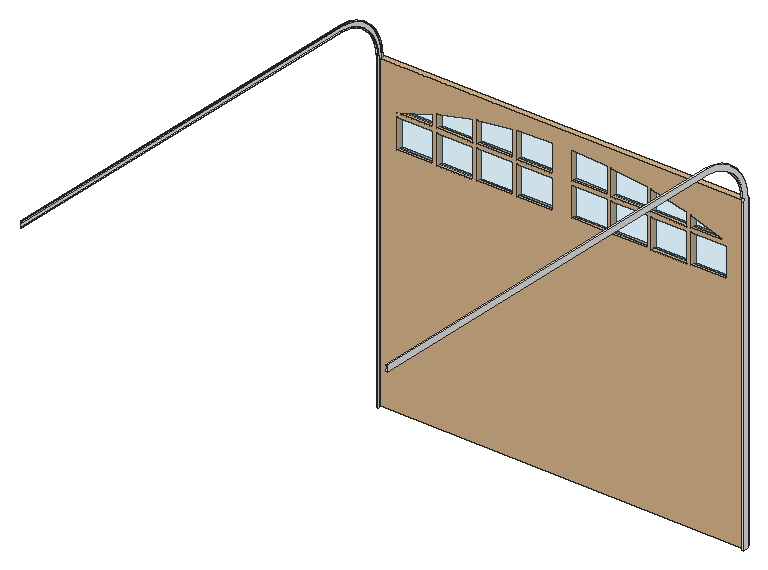
Revit family
Parameters (values of type "7Ft H x 8Ft W")
  Track Width = Width + 0' 2"  # 8' - 2"
  Track Height = Height + 1' 0"  # 8' - 0"
  Track Depth = 10' - 0"
  Track = Metal
  Thickness = 0' - 0"
  SmartBIM Object Version = 1  # constant formula
  SmartBIM Object Created By = "Reed Construction Data"  # constant formula
  Rough Height = 0' - 0"
  Panel Thickness = 0' - 1 1/2"
  Manufacturer = ""
  Height = 7' - 0"
  Wall Closure = (empty or 0)
  Width = 8' - 0"
  Door Glass = Glass
  Door = Wood
  Assembly Code = ""
  95 CSI = "08360"  # constant formula
  04 CSI = "08 36 13"  # constant formula
Types (2): name | Track Width | Thickness | Rough Height | Width
  7Ft H x 8Ft W | 8' - 2" | 0' - 0" | 0' - 0" | 8' - 0"
  7Ft H x 16Ft W | 16' - 2" | 0' - 4" | 0' - 4" | 16' - 0"
Reference planes (in)
  plane 1 "Center (Front/Back)": y = 0
  plane 2 "Center (Left/Right)": x = 0
  plane 3 "Left": x = -48
  plane 4 "Right": x = 48
  plane 5 "Top": z = 84
  plane 6: x = -49
  plane 7: x = 49
  plane 8: y = -2.5
  plane 9: z = 81
  plane 10: z = 63
  plane 11: x = -45
  plane 12: x = -34.25
  plane 13: x = -23.5
  plane 14: x = -2
  plane 15: x = -12.75
  plane 16: z = 72
  plane 17: x = 2
  plane 18: x = 45
  plane 19: x = 34.25
  plane 20: x = 23.5
  plane 21: x = 12.75
  plane 22: y = -2.5
  plane 23: y = -2.5
  plane 24 "Interior": y = -3.25
  plane 25 "Exterior": y = -1.75
  plane 26: y = -1.75
  plane 27: y = -3.25
  plane 28: y = -1.75
  plane 29: z = 34.5
  plane 30: z = 31.5
  plane 31: z = 33
  plane 32: z = 3
  plane 33: z = 62
Forms (in)
  Extrusion 1, solid, material "Wood" <- "Door"
    sketch origin (0, 0, 0) x (1, 0, 0) y (0, 0, 1)
      loop
        line (-49, 84) -> (-49, 79.84334) -> (-49, 76.75) -> (-49, 62) -> (-49, 0) -> (49, 0) -> (49, 84) -> (-49, 84)
      loop
        line (-44.5, 63.5) -> (-34.75, 63.5) -> (-34.75, 71.5) -> (-44.5, 71.5) -> (-44.5, 63.5)
      loop
        line (-44.5, 72.5) -> (-34.75, 72.5) -> (-34.75, 75.62731)
        arc (-34.75, 75.62731) -> (-39.65791, 74.16627) -> (-44.5, 72.5) r 121.66037
      loop
        arc (-24, 78.0834) -> (-28.89724, 77.10009) -> (-33.75, 75.91661) r 121.67869
        line (-33.75, 75.91661) -> (-33.75, 72.5) -> (-24, 72.5) -> (-24, 78.0834)
      loop
        line (-24, 63.5) -> (-24, 71.5) -> (-33.75, 71.5) -> (-33.75, 63.5) -> (-24, 63.5)
      loop
        line (-23, 78.27039) -> (-23, 72.5) -> (-13.25, 72.5) -> (-13.25, 79.53379)
        arc (-13.25, 79.53379) -> (-18.13776, 79.0006) -> (-23, 78.27039) r 121.6903
      loop
        line (-23, 63.5) -> (-13.25, 63.5) -> (-13.25, 71.5) -> (-23, 71.5) -> (-23, 63.5)
      loop
        arc (-2.5, 79.96441) -> (-7.37893, 79.86653) -> (-12.25, 79.57305) r 121.64517
        line (-12.25, 79.57305) -> (-12.25, 72.5) -> (-2.5, 72.5) -> (-2.5, 79.96441)
      loop
        line (-2.5, 63.5) -> (-2.5, 71.5) -> (-12.25, 71.5) -> (-12.25, 63.5) -> (-2.5, 63.5)
      loop
        line (44.5, 63.5) -> (44.5, 71.5) -> (34.75, 71.5) -> (34.75, 63.5) -> (44.5, 63.5)
      loop
        arc (44.5, 72.5) -> (39.65791, 74.16627) -> (34.75, 75.62731) r 121.66037
        line (34.75, 75.62731) -> (34.75, 72.5) -> (44.5, 72.5)
      loop
        line (24, 78.0834) -> (24, 72.5) -> (33.75, 72.5) -> (33.75, 75.91661)
        arc (33.75, 75.91661) -> (28.89724, 77.10009) -> (24, 78.0834) r 121.67869
      loop
        line (24, 63.5) -> (33.75, 63.5) -> (33.75, 71.5) -> (24, 71.5) -> (24, 63.5)
      loop
        arc (23, 78.27039) -> (18.13776, 79.0006) -> (13.25, 79.53379) r 121.6903
        line (13.25, 79.53379) -> (13.25, 72.5) -> (23, 72.5) -> (23, 78.27039)
      loop
        line (23, 63.5) -> (23, 71.5) -> (13.25, 71.5) -> (13.25, 63.5) -> (23, 63.5)
      loop
        line (2.5, 79.96441) -> (2.5, 72.5) -> (12.25, 72.5) -> (12.25, 79.57305)
        arc (12.25, 79.57305) -> (7.37893, 79.86653) -> (2.5, 79.96441) r 121.64517
      loop
        line (2.5, 63.5) -> (12.25, 63.5) -> (12.25, 71.5) -> (2.5, 71.5) -> (2.5, 63.5)
    from 1.75 to 3.25
  Extrusion 2, solid, material "Glass" <- "Door Glass"
    sketch origin (0, 0, 0) x (1, 0, 0) y (0, 0, 1)
      loop
        line (34.75, 75.62731) -> (34.75, 72.5) -> (44.5, 72.5)
        arc (44.5, 72.5) -> (39.65791, 74.16627) -> (34.75, 75.62731) r 121.66037
      loop
        line (44.5, 71.5) -> (34.75, 71.5) -> (34.75, 63.5) -> (44.5, 63.5) -> (44.5, 71.5)
      loop
        line (33.75, 71.5) -> (24, 71.5) -> (24, 63.5) -> (33.75, 63.5) -> (33.75, 71.5)
      loop
        line (24, 78.0834) -> (24, 72.5) -> (33.75, 72.5) -> (33.75, 75.91661)
        arc (33.75, 75.91661) -> (28.89724, 77.10009) -> (24, 78.0834) r 121.67869
      loop
        line (13.25, 79.53379) -> (13.25, 72.5) -> (23, 72.5) -> (23, 78.27039)
        arc (23, 78.27039) -> (18.13776, 79.0006) -> (13.25, 79.53379) r 121.6903
      loop
        line (23, 71.5) -> (13.25, 71.5) -> (13.25, 63.5) -> (23, 63.5) -> (23, 71.5)
      loop
        line (12.25, 71.5) -> (2.5, 71.5) -> (2.5, 63.5) -> (12.25, 63.5) -> (12.25, 71.5)
      loop
        line (2.5, 80.01507) -> (2.5, 72.5) -> (12.25, 72.5) -> (12.25, 79.62387)
        arc (12.25, 79.62387) -> (7.37892, 79.91723) -> (2.5, 80.01507) r 121.69583
      loop
        line (-12.25, 80.08321) -> (-12.25, 72.5) -> (-2.5, 72.5) -> (-2.5, 80.47294)
        arc (-2.5, 80.47294) -> (-7.37889, 80.37547) -> (-12.25, 80.08321) r 122.1537
      loop
        line (-2.5, 71.5) -> (-12.25, 71.5) -> (-12.25, 63.5) -> (-2.5, 63.5) -> (-2.5, 71.5)
      loop
        line (-23, 78.27039) -> (-23, 72.5) -> (-13.25, 72.5) -> (-13.25, 79.53379)
        arc (-13.25, 79.53379) -> (-18.13776, 79.0006) -> (-23, 78.27039) r 121.6903
      loop
        line (-13.25, 71.5) -> (-23, 71.5) -> (-23, 63.5) -> (-13.25, 63.5) -> (-13.25, 71.5)
      loop
        line (-24, 71.5) -> (-33.75, 71.5) -> (-33.75, 63.5) -> (-24, 63.5) -> (-24, 71.5)
      loop
        line (-33.75, 75.91661) -> (-33.75, 72.5) -> (-24, 72.5) -> (-24, 78.0834)
        arc (-24, 78.0834) -> (-28.89724, 77.10009) -> (-33.75, 75.91661) r 121.67869
      loop
        line (-44.5, 72.5) -> (-34.75, 72.5) -> (-34.75, 75.62731)
        arc (-34.75, 75.62731) -> (-39.65791, 74.16627) -> (-44.5, 72.5) r 121.66037
      loop
        line (-34.75, 71.5) -> (-44.5, 71.5) -> (-44.5, 63.5) -> (-34.75, 63.5) -> (-34.75, 71.5)
    from 2.375 to 2.625
Lines and regions (in)
  Opening 1
    outline origin (-90, -1.75, 0) x (1, 0, 0) y (0, 0, 1)
      loop
        line (42, 0) -> (138, 0) -> (138, 84) -> (42, 84) -> (42, 0)
  model lines
    curve 1: line (44.5, -3.25, 3) -> (44.5, -3.25, 31.5)
    curve 2: line (34.75, -3.25, 3) -> (44.5, -3.25, 3)
    curve 3: line (34.75, -3.25, 62) -> (34.75, -3.25, 34.5)
    curve 4: line (33.75, -3.25, 3) -> (33.75, -3.25, 31.5)
    curve 5: line (24, -3.25, 62) -> (24, -3.25, 34.5)
    curve 6: line (24, -3.25, 3) -> (33.75, -3.25, 3)
    curve 7: line (13.25, -3.25, 3) -> (23, -3.25, 3)
    curve 8: line (23, -3.25, 3) -> (23, -3.25, 31.5)
    curve 9: line (13.25, -3.25, 62) -> (13.25, -3.25, 34.5)
    curve 10: line (12.25, -3.25, 3) -> (12.25, -3.25, 31.5)
    curve 11: line (2, -3.25, 3) -> (2, -3.25, 31.5)
    curve 12: line (2, -3.25, 3) -> (12.25, -3.25, 3)
    curve 13: line (-12.25, -3.25, 3) -> (-2, -3.25, 3)
    curve 14: line (-2, -3.25, 3) -> (-2, -3.25, 31.5)
    curve 15: line (-23, -3.25, 3) -> (-13.25, -3.25, 3)
    curve 16: line (-33.75, -3.25, 3) -> (-24, -3.25, 3)
    curve 17: line (-24, -3.25, 3) -> (-24, -3.25, 31.5)
    curve 18: line (-45, -3.25, 3) -> (-34.75, -3.25, 3)
    curve 19: line (-48, -3.25, 84) -> (49, -3.25, 84)
    curve 20: line (48, -3.25, 0) -> (-48, -3.25, 0)
    curve 21: line (-23, -3.25, 3) -> (-23, -3.25, 31.5)
    curve 22: line (48, -1.75, 0) -> (48, -1.75, 84)
    curve 23: line (-49, -1.75, 84) -> (49, -1.75, 84)
    curve 24: line (-48, -1.75, 84) -> (-48, -1.75, 0)
    curve 25: line (-45, -1.75, 3) -> (-34.75, -1.75, 3)
    curve 26: line (-33.75, -1.75, 3) -> (-24, -1.75, 3)
    curve 27: line (-24, -1.75, 3) -> (-24, -1.75, 31.5)
    curve 28: line (-23, -1.75, 3) -> (-13.25, -1.75, 3)
    curve 29: line (-12.25, -1.75, 3) -> (-2, -1.75, 3)
    curve 30: line (-2, -1.75, 3) -> (-2, -1.75, 31.5)
    curve 31: line (2, -1.75, 3) -> (2, -1.75, 31.5)
    curve 32: line (12.25, -1.75, 62) -> (12.25, -1.75, 34.5)
    curve 33: line (12.25, -1.75, 3) -> (2, -1.75, 3)
    curve 34: line (23, -1.75, 3) -> (23, -1.75, 31.5)
    curve 35: line (13.25, -1.75, 62) -> (13.25, -1.75, 34.5)
    curve 36: line (13.25, -1.75, 3) -> (23, -1.75, 3)
    curve 37: line (24, -1.75, 3) -> (33.75, -1.75, 3)
    curve 38: line (33.75, -1.75, 3) -> (33.75, -1.75, 31.5)
    curve 39: line (24, -1.75, 62) -> (24, -1.75, 34.5)
    curve 40: line (34.75, -1.75, 3) -> (44.5, -1.75, 3)
    curve 41: line (34.75, -1.75, 62) -> (34.75, -1.75, 34.5)
    curve 42: line (-23, -3.25, 3) -> (-23, -3.25, 31.5)
    curve 43: line (-23, -1.75, 3) -> (-23, -1.75, 31.5)
    curve 44: line (-45, -1.75, 3) -> (-45, -1.75, 31.5)
    curve 45: line (44.5, -1.75, 3) -> (44.5, -1.75, 31.5)
    curve 46: line (-12.25, -1.75, 62) -> (-12.25, -1.75, 34.5)
    curve 47: line (-13.25, -1.75, 62) -> (-13.25, -1.75, 34.5)
    curve 48: line (-33.75, -1.75, 62) -> (-33.75, -1.75, 34.5)
    curve 49: line (-34.75, -1.75, 62) -> (-34.75, -1.75, 34.5)
    curve 50: line (44.5, -1.75, 34.5) -> (34.75, -1.75, 34.5)
    curve 51: line (-45, -1.75, 31.5) -> (-34.75, -1.75, 31.5)
    curve 52: line (34.75, -1.75, 31.5) -> (34.75, -1.75, 3)
    curve 53: line (33.75, -1.75, 34.5) -> (33.75, -1.75, 62)
    curve 54: line (33.75, -1.75, 34.5) -> (24, -1.75, 34.5)
    curve 55: line (34.75, -1.75, 31.5) -> (44.5, -1.75, 31.5)
    curve 56: line (24, -1.75, 31.5) -> (33.75, -1.75, 31.5)
    curve 57: line (24, -1.75, 31.5) -> (24, -1.75, 3)
    curve 58: line (23, -1.75, 34.5) -> (23, -1.75, 62)
    curve 59: line (23, -1.75, 34.5) -> (13.25, -1.75, 34.5)
    curve 60: line (13.25, -1.75, 31.5) -> (13.25, -1.75, 3)
    curve 61: line (12.25, -1.75, 31.5) -> (12.25, -1.75, 3)
    curve 62: line (12.25, -1.75, 34.5) -> (2, -1.75, 34.5)
    curve 63: line (13.25, -1.75, 31.5) -> (23, -1.75, 31.5)
    curve 64: line (-2, -1.75, 34.5) -> (-12.25, -1.75, 34.5)
    curve 65: line (2, -1.75, 34.5) -> (2, -1.75, 62)
    curve 66: line (2, -1.75, 31.5) -> (12.25, -1.75, 31.5)
    curve 67: line (-2, -1.75, 34.5) -> (-2, -1.75, 62)
    curve 68: line (-12.25, -1.75, 31.5) -> (-12.25, -1.75, 3)
    curve 69: line (-13.25, -1.75, 31.5) -> (-13.25, -1.75, 3)
    curve 70: line (-13.25, -1.75, 34.5) -> (-23, -1.75, 34.5)
    curve 71: line (-12.25, -1.75, 31.5) -> (-2, -1.75, 31.5)
    curve 72: line (-23, -1.75, 34.5) -> (-23, -1.75, 62)
    curve 73: line (-24, -1.75, 34.5) -> (-24, -1.75, 62)
    curve 74: line (-24, -1.75, 34.5) -> (-33.75, -1.75, 34.5)
    curve 75: line (-23, -1.75, 31.5) -> (-13.25, -1.75, 31.5)
    curve 76: line (-34.75, -1.75, 34.5) -> (-45, -1.75, 34.5)
    curve 77: line (-33.75, -1.75, 31.5) -> (-24, -1.75, 31.5)
    curve 78: line (-33.75, -1.75, 31.5) -> (-33.75, -1.75, 3)
    curve 79: line (-34.75, -1.75, 31.5) -> (-34.75, -1.75, 3)
    curve 80: line (-45, -1.75, 34.5) -> (-45, -1.75, 62)
    curve 81: line (44.5, -1.75, 34.5) -> (44.5, -1.75, 62)
    curve 82: line (-45, -3.25, 34.5) -> (-34.75, -3.25, 34.5)
    curve 83: line (-45, -3.25, 31.5) -> (-34.75, -3.25, 31.5)
    curve 84: line (-45, -3.25, 31.5) -> (-45, -3.25, 3)
    curve 85: line (-34.75, -3.25, 31.5) -> (-34.75, -3.25, 3)
    curve 86: line (-33.75, -3.25, 34.5) -> (-24, -3.25, 34.5)
    curve 87: line (-33.75, -3.25, 31.5) -> (-24, -3.25, 31.5)
    curve 88: line (-33.75, -3.25, 31.5) -> (-33.75, -3.25, 3)
    curve 89: line (-13.25, -3.25, 31.5) -> (-13.25, -3.25, 3)
    curve 90: line (-12.25, -3.25, 31.5) -> (-12.25, -3.25, 3)
    curve 91: line (-23, -3.25, 35.87557) -> (-23, -3.25, 62)
    curve 92: line (-24, -3.25, 34.5) -> (-24, -3.25, 62)
    curve 93: line (-23, -3.25, 34.5) -> (-13.25, -3.25, 34.5)
    curve 94: line (-23, -3.25, 31.5) -> (-13.25, -3.25, 31.5)
    curve 95: line (-23, -3.25, 34.5) -> (-23, -3.25, 62)
    curve 96: line (-12.25, -3.25, 34.5) -> (-2, -3.25, 34.5)
    curve 97: line (-12.25, -3.25, 31.5) -> (-2, -3.25, 31.5)
    curve 98: line (2, -3.25, 34.5) -> (12.25, -3.25, 34.5)
    curve 99: line (2, -3.25, 31.5) -> (12.25, -3.25, 31.5)
    curve 100: line (-2, -3.25, 34.5) -> (-2, -3.25, 62)
    curve 101: line (2, -3.25, 34.5) -> (2, -3.25, 62)
    curve 102: line (13.25, -3.25, 34.5) -> (23, -3.25, 34.5)
    curve 103: line (13.25, -3.25, 31.5) -> (23, -3.25, 31.5)
    curve 104: line (12.25, -3.25, 34.5) -> (12.25, -3.25, 62)
    curve 105: line (13.25, -3.25, 31.5) -> (13.25, -3.25, 3)
    curve 106: line (24, -3.25, 34.5) -> (33.75, -3.25, 34.5)
    curve 107: line (24, -3.25, 31.5) -> (33.75, -3.25, 31.5)
    curve 108: line (23, -3.25, 34.5) -> (23, -3.25, 62)
    curve 109: line (24, -3.25, 31.5) -> (24, -3.25, 3)
    curve 110: line (33.75, -3.25, 34.5) -> (33.75, -3.25, 62)
    curve 111: line (34.75, -3.25, 31.5) -> (34.75, -3.25, 3)
    curve 112: line (34.75, -3.25, 31.5) -> (44.5, -3.25, 31.5)
    curve 113: line (34.75, -3.25, 34.5) -> (44.5, -3.25, 34.5)
    curve 114: line (44.5, -3.25, 34.5) -> (44.5, -3.25, 62)
    curve 115: line (44.5, -1.75, 62) -> (34.75, -1.75, 62)
    curve 116: line (23, -1.75, 62) -> (13.25, -1.75, 62)
    curve 117: line (12.25, -1.75, 62) -> (2, -1.75, 62)
    curve 118: line (-2, -1.75, 62) -> (-12.25, -1.75, 62)
    curve 119: line (-34.75, -1.75, 62) -> (-45, -1.75, 62)
    curve 120: line (-13.25, -1.75, 62) -> (-23, -1.75, 62)
    curve 121: line (-24, -1.75, 62) -> (-33.75, -1.75, 62)
    curve 122: line (33.75, -1.75, 62) -> (24, -1.75, 62)
    curve 123: line (-34.75, -3.25, 62) -> (-34.75, -3.25, 34.5)
    curve 124: line (-33.75, -3.25, 62) -> (-33.75, -3.25, 34.5)
    curve 125: line (-13.25, -3.25, 62) -> (-13.25, -3.25, 34.5)
    curve 126: line (-12.25, -3.25, 62) -> (-12.25, -3.25, 34.5)
    curve 127: line (-45, -3.25, 62) -> (-34.75, -3.25, 62)
    curve 128: line (-33.75, -3.25, 62) -> (-24, -3.25, 62)
    curve 129: line (-23, -3.25, 62) -> (-13.25, -3.25, 62)
    curve 130: line (-12.25, -3.25, 62) -> (-2, -3.25, 62)
    curve 131: line (2, -3.25, 62) -> (12.25, -3.25, 62)
    curve 132: line (13.25, -3.25, 62) -> (23, -3.25, 62)
    curve 133: line (24, -3.25, 62) -> (33.75, -3.25, 62)
    curve 134: line (34.75, -3.25, 62) -> (44.5, -3.25, 62)
    curve 135: line (-45, -3.25, 62) -> (-45, -3.25, 34.5)
Text (in)
  text "Exterior" at (-74.96733, 27.31104, 0), in view "Ref. Level"
  text "Interior" at (-76.69036, -30.31274, 0), in view "Ref. Level"
  text "Exterior" at (0, 40.15149, 123.01588), in view "Right"
  text "Interior" at (0, -64.39139, 123.01588), in view "Right"
  text "Interior" at (0, -31.01599, 123.00693), in view "Left"
  text "Exterior" at (0, 54.57065, 123.00693), in view "Left"
Dimensions and locks (in)
  equal spacing: plane 3 "Left", plane 2 "Center (Left/Right)", plane 4 "Right"
  "Height": level to plane 5 "Top"
  "Width": plane 3 "Left" to plane 4 "Right"
  locked: plane 6 to plane 3 "Left" at 1
  locked: plane 4 "Right" to plane 7 at 1
  "Panel Thickness": Extrusion 1 to Extrusion 1
  locked: plane 9 to plane 5 "Top" at 3
  locked: plane 10 to plane 9 at 18
  locked: plane 3 "Left" to plane 11 at 3
  locked: plane 2 "Center (Left/Right)" to plane 14 at 2
  equal spacing: plane 14, plane 15, plane 13, plane 12, plane 11
  equal spacing: plane 9, plane 16, plane 10
  locked: Extrusion 1 sketch curve to plane 10 at 0.5  (x6)
  locked: plane 12 to Extrusion 1 sketch curve at 0.5  (x2)
  locked: Extrusion 1 sketch curve to plane 16 at 0.5  (x8)
  locked: plane 16 to Extrusion 1 sketch curve at 0.5  (x7)
  locked: plane 17 to plane 2 "Center (Left/Right)" at 2
  locked: plane 18 to plane 4 "Right" at 3
  equal spacing: plane 17, plane 21, plane 20, plane 19, plane 18
  locked: Extrusion 1 sketch curve to plane 18 at 0.5
  locked: plane 19 to Extrusion 1 sketch curve at 0.5  (x2)
  locked: plane 20 to Extrusion 1 sketch curve at 0.5  (x2)
  locked: plane 21 to Extrusion 1 sketch curve at 0.5  (x2)
  locked: plane 17 to Extrusion 1 sketch curve at 0.5  (x2)
  locked: plane 14 to Extrusion 1 sketch curve at 0.5  (x2)
  locked: Extrusion 1 sketch curve to plane 15 at 0.5  (x2)
  locked: plane 15 to Extrusion 1 sketch curve at 0.5
  plane 15 to Extrusion 1 sketch curve = 0' - 0 1/2"
  locked: Extrusion 1 sketch curve to plane 13 at 0.5  (x2)
  locked: plane 13 to Extrusion 1 sketch curve at 0.5  (x2)
  locked: Extrusion 1 sketch curve to plane 12 at 0.5  (x2)
  plane 12 to Extrusion 1 sketch curve = 0' - 0 1/2"
  locked: Extrusion 1 sketch curve to plane 11 at 0.5
  locked: Extrusion 1 sketch curve to plane 21 at 0.5  (x2)
  locked: Extrusion 1 sketch curve to plane 20 at 0.5  (x2)
  locked: Extrusion 1 sketch curve to plane 19 at 0.5  (x2)
  locked: Extrusion 2 to Extrusion 2 at 0.25
  plane 22 to Extrusion 1 = 0' - 0 3/4"
  locked: plane 23 to Extrusion 2 at 0.125
  locked: plane 12 to curve 85 at 0.5
  locked: curve 21 to plane 13 at 0.5
  locked: plane 15 to curve 89 at 0.5
  equal spacing: plane 25 "Exterior", plane 8, plane 27
  "Panel Thickness": plane 25 "Exterior" to plane 24 "Interior"
  locked: plane 10 to Extrusion 1 at 21
  equal spacing: plane 32, plane 31, plane 10
  locked: level to plane 32 at 3
  locked: plane 31 to plane 29 at 1.5
  locked: plane 30 to plane 31 at 1.5
  plane 32 to level = 0' - 3"
  locked: plane 33 to plane 10 at 1
  locked: plane 26 to host wall at 2
  locked: plane 17 to Extrusion 2 at 0.5
  Extrusion 2 to plane 9 = 0' - 0.98493"
  plane 9 to Extrusion 2 = 0' - 0.98493"
  locked: plane 9 to Extrusion 1 sketch curve at 1.03559  (x2)
  aligned and locked: plane 3 "Left" to Opening 1 sketch curve
  aligned and locked: plane 5 "Top" to Opening 1 sketch curve  (x2)
  aligned and locked: Opening 1 sketch curve to plane 4 "Right"
  aligned and locked: Opening 1 sketch curve to level
  aligned and locked: Extrusion 1 sketch curve to plane 6
  aligned and locked: Extrusion 1 sketch curve to plane 7
  aligned and locked: Extrusion 1 sketch curve to level
  aligned and locked: Extrusion 1 sketch curve to host wall
  aligned and locked: Extrusion 2 sketch curve to Extrusion 1  (x55)
  aligned and locked: plane 22 to plane 23
  aligned and locked: Extrusion 1 to curve 19
  aligned and locked: Extrusion 1 to curve 20
  aligned and locked: curve 22 to host wall
  aligned and locked: curve 23 to Extrusion 1
  aligned and locked: curve 24 to host wall
  aligned and locked: curve 25 to curve 18
  aligned and locked: curve 26 to curve 16
  aligned and locked: curve 27 to curve 17
  aligned and locked: curve 28 to curve 15
  aligned and locked: curve 29 to curve 13
  aligned and locked: curve 30 to curve 14
  aligned and locked: curve 31 to curve 11
  aligned and locked: curve 32 to curve 104
  aligned and locked: curve 33 to curve 12
  aligned and locked: curve 34 to curve 8
  aligned and locked: curve 9 to curve 35
  aligned and locked: curve 36 to curve 7
  aligned and locked: curve 37 to curve 6
  aligned and locked: curve 38 to curve 4
  aligned and locked: curve 5 to curve 39
  aligned and locked: curve 40 to curve 2
  aligned and locked: curve 3 to curve 41
  aligned and locked: curve 44 to plane 11
  aligned and locked: plane 24 "Interior" to curve 20
  aligned and locked: curve 18 to plane 24 "Interior"
  aligned and locked: curve 16 to plane 24 "Interior"
  aligned and locked: curve 15 to plane 24 "Interior"
  aligned and locked: curve 13 to plane 24 "Interior"
  aligned and locked: curve 12 to plane 24 "Interior"
  aligned and locked: curve 7 to plane 24 "Interior"
  aligned and locked: curve 6 to plane 24 "Interior"
  aligned and locked: curve 2 to plane 24 "Interior"
  aligned and locked: plane 22 to plane 8
  aligned and locked: plane 25 "Exterior" to host wall
  aligned and locked: host wall to curve 40
  aligned and locked: host wall to curve 37
  aligned and locked: host wall to curve 36
  aligned and locked: curve 33 to host wall
  aligned and locked: host wall to curve 29
  aligned and locked: host wall to curve 28
  aligned and locked: host wall to curve 25
  aligned and locked: plane 24 "Interior" to plane 27
  aligned and locked: plane 28 to plane 26
  aligned and locked: Extrusion 1 to plane 27
  aligned and locked: Extrusion 1 to curve 25
  aligned and locked: curve 45 to curve 81
  aligned and locked: plane 29 to curve 50
  aligned and locked: plane 30 to curve 55
  aligned and locked: curve 54 to plane 29
  aligned and locked: curve 59 to plane 29
  aligned and locked: curve 62 to plane 29
  aligned and locked: curve 64 to plane 29
  aligned and locked: curve 70 to plane 29
  aligned and locked: curve 74 to plane 29
  aligned and locked: curve 76 to plane 29
  aligned and locked: plane 30 to curve 51
  aligned and locked: plane 30 to curve 77
  aligned and locked: plane 30 to curve 75
  aligned and locked: plane 30 to curve 71
  aligned and locked: plane 30 to curve 66
  aligned and locked: plane 30 to curve 63
  aligned and locked: plane 30 to curve 56
  aligned and locked: plane 29 to curve 82
  aligned and locked: plane 30 to curve 83
  aligned and locked: plane 29 to curve 86
  aligned and locked: plane 30 to curve 87
  aligned and locked: curve 115 to plane 33
  aligned and locked: curve 128 to curve 121
  aligned and locked: curve 91 to curve 129
  aligned and locked: curve 129 to curve 120
  aligned and locked: curve 130 to curve 118
  aligned and locked: curve 101 to curve 131
  aligned and locked: curve 131 to curve 117
  aligned and locked: curve 132 to curve 116
  aligned and locked: curve 133 to curve 122
  aligned and locked: nested 1 to plane 2 "Center (Left/Right)"
  aligned and locked: plane 27 to nested 1
Automatic sketch dimensions
  Extrusion 2 sketch curve to Extrusion 2 sketch curve = 0' - 0"  (x15)
  plane 11 to Extrusion 2 sketch curve = 0' - 0 1/2"
  plane 18 to Extrusion 2 sketch curve = 0' - 0 1/2"
  Extrusion 2 sketch curve to Extrusion 2 sketch curve = 0' - 0.2893"  (x2)
  Extrusion 2 sketch curve to Extrusion 2 sketch curve = 0' - 0.187"
  Extrusion 2 sketch curve to Extrusion 2 sketch curve = 0' - 0.09008"
  Extrusion 2 sketch curve to plane 9 = 0' - 0.91679"
  curve 19 to plane 7 = 0' - 0"
  curve 20 to plane 4 "Right" = 0' - 0"
  curve 2 to plane 32 = 0' - 0"
  curve 1 to plane 30 = 0' - 0"
  curve 114 to plane 33 = 0' - 0"
  curve 114 to plane 29 = 0' - 0"
  curve 110 to plane 29 = 0' - 0"
  curve 110 to plane 33 = 0' - 0"
  curve 107 to plane 30 = 0' - 0"
  curve 6 to plane 32 = 0' - 0"
  curve 8 to plane 30 = 0' - 0"
  curve 132 to plane 33 = 0' - 0"
  curve 7 to plane 32 = 0' - 0"
  curve 108 to plane 29 = 0' - 0"
  curve 99 to plane 30 = 0' - 0"
  curve 10 to plane 32 = 0' - 0"
  curve 131 to plane 33 = 0' - 0"
  curve 98 to plane 29 = 0' - 0"
  curve 11 to plane 17 = 0' - 0"
  curve 131 to plane 17 = 0' - 0"
  curve 100 to plane 14 = 0' - 0"
  curve 13 to plane 14 = 0' - 0"
  curve 97 to plane 30 = 0' - 0"
  curve 96 to plane 29 = 0' - 0"
  curve 90 to plane 32 = 0' - 0"
  curve 126 to plane 33 = 0' - 0"
  curve 93 to plane 29 = 0' - 0"
  curve 129 to plane 33 = 0' - 0"
  curve 92 to plane 33 = 0' - 0"
  curve 17 to plane 32 = 0' - 0"
  curve 127 to plane 33 = 0' - 0"
  curve 127 to plane 11 = 0' - 0"
  curve 18 to plane 11 = 0' - 0"
  curve 20 to plane 3 "Left" = 0' - 0"
  curve 19 to plane 3 "Left" = 0' - 0"
  curve 85 to plane 32 = 0' - 0"
  curve 89 to plane 32 = 0' - 0"
  curve 21 to plane 30 = 0' - 0"
  plane 18 to curve 2 = 0' - 0 1/2"
  plane 18 to curve 114 = 0' - 0 1/2"
  curve 111 to plane 19 = 0' - 0 1/2"
  curve 3 to plane 19 = 0' - 0 1/2"
  plane 19 to curve 110 = 0' - 0 1/2"
  plane 19 to curve 107 = 0' - 0 1/2"
  curve 5 to plane 20 = 0' - 0 1/2"
  curve 6 to plane 20 = 0' - 0 1/2"
  plane 20 to curve 8 = 0' - 0 1/2"
  plane 20 to curve 132 = 0' - 0 1/2"
  curve 7 to plane 21 = 0' - 0 1/2"
  curve 9 to plane 21 = 0' - 0 1/2"
  plane 21 to curve 99 = 0' - 0 1/2"
  plane 21 to curve 131 = 0' - 0 1/2"
  plane 15 to curve 97 = 0' - 0 1/2"
  plane 15 to curve 96 = 0' - 0 1/2"
  curve 93 to plane 15 = 0' - 0 1/2"
  plane 13 to curve 91 = 0' - 0 1/2"
  curve 92 to plane 13 = 0' - 0 1/2"
  curve 17 to plane 13 = 0' - 0 1/2"
  plane 12 to curve 87 = 0' - 0 1/2"
  plane 12 to curve 124 = 0' - 0 1/2"
  curve 127 to plane 12 = 0' - 0 1/2"
  curve 93 to curve 91 = 0' - 1.37557"
  Extrusion 1 sketch curve to Extrusion 1 sketch curve = 0' - 0"  (x13)
  Extrusion 1 sketch curve to plane 33 = 0' - 0"
  plane 11 to Extrusion 1 sketch curve = 0' - 0 1/2"
  Extrusion 1 sketch curve to plane 15 = 0' - 0 1/2"
  plane 18 to Extrusion 1 sketch curve = 0' - 0 1/2"
  plane 10 to Extrusion 1 sketch curve = 0' - 0 1/2"  (x2)
  Extrusion 1 sketch curve to plane 16 = 0' - 0 1/2"
  Extrusion 1 sketch curve to Extrusion 1 sketch curve = 0' - 0.2893"  (x2)
  Extrusion 1 sketch curve to plane 9 = 0' - 4 1/4"
  Extrusion 1 sketch curve to Extrusion 1 sketch curve = 0' - 0.187"  (x2)
  Extrusion 1 sketch curve to Extrusion 1 sketch curve = 0' - 0.03926"
  Extrusion 1 sketch curve to plane 9 = 0' - 1.15666"
  curve 23 to plane 5 "Top" = 0' - 0"
  curve 23 to plane 7 = 0' - 0"
  curve 22 to plane 4 "Right" = 0' - 0"
  curve 65 to plane 17 = 0' - 0"
  curve 67 to plane 14 = 0' - 0"
  curve 49 to plane 33 = 0' - 0"
  curve 80 to plane 11 = 0' - 0"
  curve 24 to level = 0' - 0"
  curve 24 to plane 3 "Left" = 0' - 0"
  curve 23 to plane 6 = 0' - 0"
  curve 22 to level = 0' - 0"
  plane 18 to curve 45 = 0' - 0 1/2"
  curve 40 to plane 19 = 0' - 0 1/2"
  plane 19 to curve 54 = 0' - 0 1/2"
  curve 57 to plane 20 = 0' - 0 1/2"
  plane 20 to curve 58 = 0' - 0 1/2"
  curve 36 to plane 21 = 0' - 0 1/2"
  plane 21 to curve 66 = 0' - 0 1/2"
  plane 15 to curve 68 = 0' - 0 1/2"
  plane 15 to curve 46 = 0' - 0 1/2"
  curve 47 to plane 15 = 0' - 0 1/2"
  curve 69 to plane 15 = 0' - 0 1/2"
  plane 13 to curve 120 = 0' - 0 1/2"
  plane 13 to curve 28 = 0' - 0 1/2"
  curve 74 to plane 13 = 0' - 0 1/2"
  plane 12 to curve 121 = 0' - 0 1/2"
  plane 12 to curve 78 = 0' - 0 1/2"
  curve 25 to plane 12 = 0' - 0 1/2"
  curve 49 to plane 12 = 0' - 0 1/2"
Nested families (in)
  nested 1: "Door Track" at (-0.5, -64, 0), Width <- "Track Width", Height <- "Track Height", Depth <- "Track Depth", type "Door Track"
    with Width 8' - 2", Height 8' - 0", Depth 10' - 0"
Definition of nested family "Door Track"
  Parameters
    Width [instance] = 10' - 0"
    Track = Metal
    Height [instance] = 11' - 0"
    Depth [instance] = 8' - 0"
  Reference planes (in)
    plane 1 "Center (Front/Back)": y = 0
    plane 2: z = 0
    plane 3 "Center (Left/Right)": x = 0.5
    plane 4 "Back": y = 48
    plane 5 "Front": y = -48
    plane 6 "Left": x = -59.5
    plane 7 "Right": x = 60.5
    plane 8 "Top": z = 132
    plane 9 "Center (Up/Down)": z = 66
    plane 10: y = 48.75
    plane 11: y = 49.5
  Forms (in)
    Sweep 1, solid, material "Metal" <- "Track"
      path origin (60.5, 60, 48) x (0, 1, 0) y (0, 0, 1)
        loop
          line (-12, -48) -> (-12, 72)
          arc (-12, 72) -> (-15.51472, 80.48528) -> (-24, 84) r 12
          line (-24, 84) -> (-108, 84)
      profile origin (60.5, -6, 132) x (0, 0, -1) y (1, 0, 0)
        loop
          line (-1.5, 0) -> (-1.375, 0) -> (-1.375, 0.375) -> (-0.125, 0.375) -> (-0.125, 0) -> (0, 0) -> (0, 0.5) -> (-1.5, 0.5) -> (-1.5, 0)
    Sweep 2, solid, material "Metal" <- "Track"
      path origin (-59.5, 60, 48) x (0, 1, 0) y (0, 0, 1)
        loop
          line (-12, -48) -> (-12, 72)
          arc (-12, 72) -> (-15.51472, 80.48528) -> (-24, 84) r 12
          line (-24, 84) -> (-108, 84)
      profile origin (-59.5, -6, 132) x (0, 0, -1) y (1, 0, 0)
        loop
          line (-1.5, 0) -> (-1.5, -0.5) -> (0, -0.5) -> (0, 0) -> (-0.125, 0) -> (-0.125, -0.375) -> (-1.375, -0.375) -> (-1.375, 0) -> (-1.5, 0)
  Dimensions and locks (in)
    equal spacing: plane 6 "Left", plane 3 "Center (Left/Right)", plane 7 "Right"
    "Width": plane 6 "Left" to plane 7 "Right"
    equal spacing: plane 4 "Back", plane 1 "Center (Front/Back)", plane 5 "Front"
    "Depth": plane 4 "Back" to plane 5 "Front"
    "Height": plane 8 "Top" to plane 2
    equal spacing: plane 8 "Top", plane 9 "Center (Up/Down)", level
    locked: Sweep 2 sketch curve to Sweep 2 sketch curve at 0.125  (x3)
    locked: Sweep 2 sketch curve to Sweep 2 sketch curve at 0.5  (x2)
    locked: Sweep 2 sketch curve to Sweep 2 sketch curve at 1.5
    locked: Sweep 1 sketch curve to Sweep 1 sketch curve at 0.5  (x2)
    locked: Sweep 1 sketch curve to Sweep 1 sketch curve at 0.125  (x3)
    locked: Sweep 1 sketch curve to Sweep 1 sketch curve at 1.5
    equal spacing: plane 4 "Back", plane 10, plane 11
    locked: plane 10 to plane 11 at 0.75
    radius of Sweep 1 sketch curve = 1' - 0"
    radius of Sweep 2 sketch curve = 1' - 0"
    aligned and locked: plane 8 "Top" to Sweep 1 sketch curve  (x2)
    aligned and locked: plane 5 "Front" to Sweep 1 sketch curve
    aligned and locked: plane 4 "Back" to Sweep 1 sketch curve
    aligned and locked: plane 4 "Back" to Sweep 2 sketch curve
    aligned and locked: plane 5 "Front" to Sweep 2 sketch curve
    aligned and locked: level to Sweep 2 sketch curve
    aligned and locked: Sweep 2 sketch curve to profile plane  (x2)
    aligned and locked: Sweep 1 sketch curve to profile plane
    aligned and locked: plane 11 to Sweep 1
  Automatic sketch dimensions
    Sweep 1 sketch curve to level = 0' - 0"
    Sweep 2 sketch curve to plane 8 "Top" = 0' - 0"
